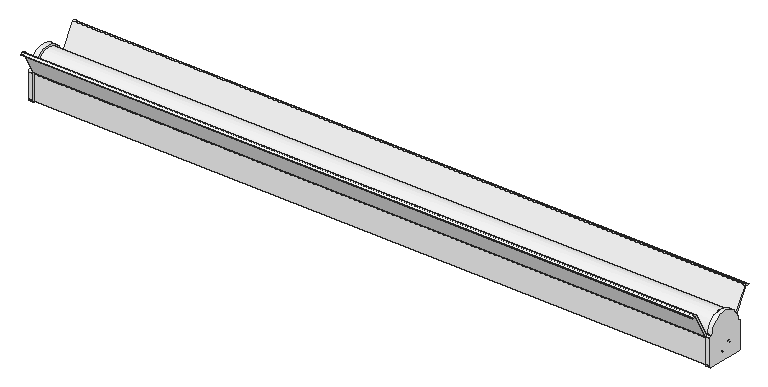
Revit family "0045173+0045233 Feilo Sylvania Lighting Fixture SYLBATTEN LED5-5 NW TP3 with SYMMETRIC REFLECTOR ACCESSORY 1200MM", category Lighting Fixtures, host Face, Revit 2017
Family settings
  Host = Face
  Round Connector Dimension = Use Diameter
  Part Type = Normal
  OmniClass Number = 23.80.70.00
  OmniClass Title = Lighting
  Cut with Voids When Loaded = No
  Light Source = Yes
  Shared = No
  Room Calculation Point = No
Parameters (values of type "0045173 SYLBATTEN LED5.5 NW TP3")
  Width_FEILO = 66 mm
  Weight = "2.568 kg"
  Wattage Comments = "n/a"
  Wattage = 53 W
  WarrantyStartDate [instance] = "n/a"
  WarrantyGuarantorParts = "n/a"
  WarrantyDurationUnit = "n/a"
  WarrantyDurationParts = "n/a"
  WarrantyDescription = "n/a"
  built-in parameter 1150110 = 1 (stored number, unit not read)
  Voltage = 230 V
  URL = "http://www.sylvania-lighting.com"
  TypeName = "SYLBATTEN LED5.5 NW TP3"
  Type Image = <None>
  Type Comments = "n/a"
  built-in parameter 1114217 = 1 (stored number, unit not read)
  Tilt Angle = -90.00°
  built-in parameter 1150109 = 1 (stored number, unit not read)
  built-in parameter 1150134 = 12
  SymReflector_FEILO = yes
  built-in parameter 1150113 = 1 (stored number, unit not read)
  SerialNumber [instance] = "n/a"
  PowerFactor = 0
  PowerConsumption = "53 W"
  Photometric Web File = "0045173+0045233.ies"
  NominalLength = 1205 mm
  NominalHeight = 91 mm
  NominalDepth = 122 mm
  Name = "SYLBATTEN LED5.5 NW TP3"
  ModelReference = Name  # "SYLBATTEN LED5.5 NW TP3"
  ModelNumber = "0045173"
  Model = Name  # "SYLBATTEN LED5.5 NW TP3"
  Material_4_FEILO = Reflector-Sylvania-Sylbatten-White
  Material_3_FEILO = Diffuser-Sylvania-Sylbatten-Glow
  Material_2_FEILO = Body-Sylvania-Sylbatten-White
  Material_1_FEILO = Body-Sylvania-Sylbatten-White
  Material = "sheet steel housing, polycarbonate diffuser"
  ManufacturerName = "Feilo Sylvania"
  Manufacturer = "Feilo Sylvania"
  LuminousEfficacy = "106.2 lm/W"
  built-in parameter 1150105 = 447.99 (stored number, unit not read)
  Lumens = 5629.66 lm
  LuminaireType = ""
  built-in parameter 1150115 = 1 (stored number, unit not read)
  LightOutputRatio = "100"
  built-in parameter 1150137 = (empty or 0)
  built-in parameter 1150139 = (empty or 0)
  Length_FEILO = 1205 mm
  LampsType = Lamp  # "LED"
  LampNominalLuminous = "5630 lm"
  LampMacAdamStep = "n/a"
  LampColourTemperature = "4000 K"
  LampColourRenderingIndex = "80"
  built-in parameter 1150112 = 1 (stored number, unit not read)
  built-in parameter 1150114 = 1 (stored number, unit not read)
  Lamp = "LED"
  Keynote = "16500"
  InstallationDate [instance] = "n/a"
  InputVoltage = "220-240V~"
  InputNominalFrequency = "n/a"
  built-in parameter 1150132 = (empty or 0)
  built-in parameter 1150102 = (empty or 0)
  built-in parameter 1150107 = 4000 (stored number, unit not read)
  built-in parameter 1150138 = (empty or 0)
  IngressProtection = "IP20"
  ImpactProtectionIndex = "IK07"
  built-in parameter 1150106 = 4.4799 (stored number, unit not read)
  IfcExportType = "IfcLightFixtureType"
  IfcExportAs = "IfcLightFixtureType"
  Height_FEILO = 76 mm
  ExpectedLife = 50000
  Emit from Rectangle Width = Length_FEILO - 16 mm  # 1189 mm
  Emit from Rectangle Length = Width_FEILO - 40 mm  # 26 mm
  Emit Shape Visible in Rendering = no
  ElectricShockClassification = "Class I"
  built-in parameter 1150104 = 9.8682 (stored number, unit not read)
  DurationUnit = "hours"
  DocumentationLiterature = "http://www.sylvania-lighting.com/product/en-int/products/0045173"
  DimmingControlOptions = "n/a"
  Dimming Lamp Color Temperature Shift = <None>
  Description = "LED batten, T8 replacement, ease of installation through 2 part push-in design of the housing (safety cable included), through wiring capability (TP3 = 3 core), sheet steel, 5630M, 53W, 106lm/W, 4000K, drive current: 350mA, CRI 80, 138° wide beam angle, electronic driver (non dimmable), IP20, IK07, 50,000 hrs (L70), (LxWxH) 1205x66x76mm, 5 step MacAdam ellipse, 3kg, white RAL9016, Class 1, 220-240V, energy class: A++, A+, A."
  Default Elevation = 1219.2 mm
  CreatedOn = "1/25/2018"
  CreatedBy = ""
  Cost = 0
  Color Filter = 16777215
  built-in parameter 1114216 [instance] = (empty or 0)
  ClassificationValue = "EF_70_80"
  ClassificationName = "Uniclass2015"
  CapOffset_FEILO = 2 mm
  BarCode [instance] = "n/a"
  built-in parameter 1114218 = 1 (stored number, unit not read)
  BackReflector_FEILO = and(not(AsymReflector_FEILO), SymReflector_FEILO)  # yes
  built-in parameter 1150133 = 10 (stored number, unit not read)
  FrontReflector_FEILO = or(AsymReflector_FEILO, SymReflector_FEILO)  # yes
  AsymReflector_FEILO = no
  AssetType = "Fixed"
  AssetIdentifier [instance] = "n/a"
  Assembly Code = "D5020200"
  Apparent Load = 53 VA
Reference planes
  plane 1 "Center (Front/Back)": y = 0
  plane 2: z = 0
  plane 3 "Center (Left/Right)": x = 0
  plane 4: x = 602.5
  plane 5: x = -602.5
  plane 6: y = 33
  plane 7: y = -33
  plane 8: z = 76
  plane 9: z = 47
  plane 10: y = -29
  plane 11: y = 29
  plane 12: z = 20
  plane 13: z = 74
  plane 14: y = -31
  plane 15: y = -27
  plane 16: y = 27
  plane 17: y = 31
  plane 18: z = 2
  plane 19: x = -594.5
  plane 20: x = 594.5
  plane 21: z = 49
  plane 22: y = 1
  plane 23: y = -1
  plane 24: z = 21
  plane 25: z = 19
  plane 26: y = -61
  plane 27: y = 61
  plane 28: y = -56
  plane 29: y = 56
  plane 30: z = 91
  plane 31: z = 88
Forms (mm)
  Extrusion 1, solid, material "Body-Sylvania-Sylbatten-White" <- "Material_2_FEILO"
    sketch origin (0, 0, 0) x (0, 1, 0) y (0, 0, 1)
      loop
        line (-31, 2) -> (31, 2) -> (31, 45)
        arc (31, 45) -> (30.414, 46.414) -> (29, 47) r 2
        line (29, 47) -> (27, 47)
        arc (27, 47) -> (0, 74) -> (-27, 47) r 27
        line (-27, 47) -> (-29, 47)
        arc (-29, 47) -> (-30.414, 46.414) -> (-31, 45) r 2
        line (-31, 45) -> (-31, 2)
    from -594.5 to 594.5
  Extrusion 2, solid, material "Body-Sylvania-Sylbatten-White" <- "Material_2_FEILO"
    sketch origin (602.5, 1524, 1219.2) x (0, 1, 0) y (0, 0, 1)
      loop
        arc (-1494, -1219.2) -> (-1491.879, -1218.321) -> (-1491, -1216.2) r 3
        line (-1491, -1216.2) -> (-1491, -1173.2)
        arc (-1491, -1173.2) -> (-1491.879, -1171.079) -> (-1494, -1170.2) r 3
        line (-1494, -1170.2) -> (-1495.069, -1170.2)
        arc (-1495.069, -1170.2) -> (-1524, -1143.2) -> (-1552.931, -1170.2) r 29
        line (-1552.931, -1170.2) -> (-1554, -1170.2)
        arc (-1554, -1170.2) -> (-1556.121, -1171.079) -> (-1557, -1173.2) r 3
        line (-1557, -1173.2) -> (-1557, -1216.2)
        arc (-1557, -1216.2) -> (-1556.121, -1218.321) -> (-1554, -1219.2) r 3
        line (-1554, -1219.2) -> (-1494, -1219.2)
      loop
        arc (-1525, -1189.25) -> (-1531.071, -1192.129) -> (-1533.95, -1198.2) r 10
        line (-1533.95, -1198.2) -> (-1532.944, -1198.2)
        arc (-1532.944, -1198.2) -> (-1530.364, -1192.836) -> (-1525, -1190.256) r 9
        line (-1525, -1190.256) -> (-1525, -1189.25)
      loop
        arc (-1523, -1190.256) -> (-1517.636, -1192.836) -> (-1515.056, -1198.2) r 9
        line (-1515.056, -1198.2) -> (-1514.05, -1198.2)
        arc (-1514.05, -1198.2) -> (-1516.929, -1192.129) -> (-1523, -1189.25) r 10
        line (-1523, -1189.25) -> (-1523, -1190.256)
      loop
        line (-1532.944, -1200.2) -> (-1533.95, -1200.2)
        arc (-1533.95, -1200.2) -> (-1531.071, -1206.271) -> (-1525, -1209.15) r 10
        line (-1525, -1209.15) -> (-1525, -1208.144)
        arc (-1525, -1208.144) -> (-1530.364, -1205.564) -> (-1532.944, -1200.2) r 9
      loop
        arc (-1515.056, -1200.2) -> (-1517.636, -1205.564) -> (-1523, -1208.144) r 9
        line (-1523, -1208.144) -> (-1523, -1209.15)
        arc (-1523, -1209.15) -> (-1516.929, -1206.271) -> (-1514.05, -1200.2) r 10
        line (-1514.05, -1200.2) -> (-1515.056, -1200.2)
    from 0 to -8
  Extrusion 3, solid, material "Body-Sylvania-Sylbatten-White" <- "Material_2_FEILO"
    sketch origin (-602.5, 1524, 1219.2) x (0, 1, 0) y (0, 0, 1)
      loop
        arc (-1495.069, -1170.2) -> (-1524, -1143.2) -> (-1552.931, -1170.2) r 29
        line (-1552.931, -1170.2) -> (-1554, -1170.2)
        arc (-1554, -1170.2) -> (-1556.121, -1171.079) -> (-1557, -1173.2) r 3
        line (-1557, -1173.2) -> (-1557, -1216.2)
        arc (-1557, -1216.2) -> (-1556.121, -1218.321) -> (-1554, -1219.2) r 3
        line (-1554, -1219.2) -> (-1494, -1219.2)
        arc (-1494, -1219.2) -> (-1491.879, -1218.321) -> (-1491, -1216.2) r 3
        line (-1491, -1216.2) -> (-1491, -1173.2)
        arc (-1491, -1173.2) -> (-1491.879, -1171.079) -> (-1494, -1170.2) r 3
        line (-1494, -1170.2) -> (-1495.069, -1170.2)
      loop
        line (-1533.95, -1198.2) -> (-1532.944, -1198.2)
        arc (-1532.944, -1198.2) -> (-1530.364, -1192.836) -> (-1525, -1190.256) r 9
        line (-1525, -1190.256) -> (-1525, -1189.25)
        arc (-1525, -1189.25) -> (-1531.071, -1192.129) -> (-1533.95, -1198.2) r 10
      loop
        line (-1523, -1189.25) -> (-1523, -1190.256)
        arc (-1523, -1190.256) -> (-1517.636, -1192.836) -> (-1515.056, -1198.2) r 9
        line (-1515.056, -1198.2) -> (-1514.05, -1198.2)
        arc (-1514.05, -1198.2) -> (-1516.929, -1192.129) -> (-1523, -1189.25) r 10
      loop
        line (-1514.05, -1200.2) -> (-1515.056, -1200.2)
        arc (-1515.056, -1200.2) -> (-1517.636, -1205.564) -> (-1523, -1208.144) r 9
        line (-1523, -1208.144) -> (-1523, -1209.15)
        arc (-1523, -1209.15) -> (-1516.929, -1206.271) -> (-1514.05, -1200.2) r 10
      loop
        line (-1525, -1209.15) -> (-1525, -1208.144)
        arc (-1525, -1208.144) -> (-1530.364, -1205.564) -> (-1532.944, -1200.2) r 9
        line (-1532.944, -1200.2) -> (-1533.95, -1200.2)
        arc (-1533.95, -1200.2) -> (-1531.071, -1206.271) -> (-1525, -1209.15) r 10
    from 0 to 8
  Extrusion 4, solid, material "Reflector-Sylvania-Sylbatten-White" <- "Material_4_FEILO", visible <- "FrontReflector_FEILO"
    sketch origin (0, 0, 0) x (0, 1, 0) y (0, 0, 1)
      loop
        line (-61.257, 88.429) -> (-60.743, 87.571) -> (-56.621, 90.044)
        arc (-56.621, 90.044) -> (-56.237, 90.099) -> (-55.929, 89.863) r 0.5
        line (-55.929, 89.863) -> (-31.435, 46.753) -> (-30.565, 47.247) -> (-55.312, 90.802)
        arc (-55.312, 90.802) -> (-55.928, 91.275) -> (-56.696, 91.165) r 1
        line (-56.696, 91.165) -> (-61.257, 88.429)
    from -594.5 to 594.5
  Extrusion 5, solid, material "Reflector-Sylvania-Sylbatten-White" <- "Material_4_FEILO", visible <- "BackReflector_FEILO"
    sketch origin (0, 0, 0) x (0, 1, 0) y (0, 0, 1)
      loop
        line (30.565, 47.247) -> (31.435, 46.753) -> (55.932, 89.868)
        arc (55.932, 89.868) -> (56.245, 90.112) -> (56.638, 90.062) r 0.518
        line (56.638, 90.062) -> (61.033, 87.565) -> (61.527, 88.435) -> (56.682, 91.188)
        arc (56.682, 91.188) -> (55.922, 91.282) -> (55.318, 90.812) r 1
        line (55.318, 90.812) -> (30.565, 47.247)
    from -594.5 to 594.5
Lines and regions (mm)
  reference lines
    curve 1: line (0, -61, 88) -> (0, -56, 91)
    curve 2: line (0, -56, 91) -> (0, -31, 47)
    curve 3: line (0, 31, 47) -> (0, 56, 91)
    curve 4: line (0, 56, 91) -> (0, 61.28, 88)
Dimensions and locks
  equal spacing: plane 5, plane 3 "Center (Left/Right)", plane 4
  equal spacing: plane 7, plane 1 "Center (Front/Back)", plane 6
  "Width_FEILO": plane 7 to plane 6
  "Length_FEILO": plane 5 to plane 4
  "Height_FEILO": plane 8 to plane 2
  locked: plane 9 to plane 8 at 29
  equal spacing: plane 10, plane 1 "Center (Front/Back)", plane 11
  locked: plane 7 to plane 10 at 4
  locked: plane 12 to plane 2 at 20
  "CapOffset_FEILO": plane 13 to plane 8
  "CapOffset_FEILO": plane 7 to plane 14
  "CapOffset_FEILO": plane 10 to plane 15
  "CapOffset_FEILO": plane 17 to plane 6
  "CapOffset_FEILO": plane 16 to plane 11
  "CapOffset_FEILO": plane 18 to plane 2
  locked: plane 14 to Extrusion 1 sketch curve at 2
  locked: Extrusion 1 sketch curve to plane 9 at 2  (x2)
  locked: plane 16 to Extrusion 1 sketch curve at 2
  equal spacing: plane 19, plane 3 "Center (Left/Right)", plane 20
  locked: plane 5 to plane 19 at 8
  "CapOffset_FEILO": plane 9 to plane 21
  locked: Extrusion 2 sketch curve to plane 2 at 47
  locked: Extrusion 1 sketch curve to plane 2 at 47
  locked: Extrusion 2 sketch curve to plane 2 at 3  (x2)
  locked: plane 7 to Extrusion 2 sketch curve at 3  (x2)
  locked: Extrusion 2 sketch curve to plane 6 at 3  (x2)
  locked: Extrusion 2 sketch curve to plane 21 at 3  (x2)
  equal spacing: plane 23, plane 1 "Center (Front/Back)", plane 22
  equal spacing: plane 25, plane 12, plane 24
  plane 30 to plane 31 to plane 2 = 3 mm locked, 88 mm locked
  plane 28 to plane 29 = 112 mm
  plane 26 to plane 27 = 122 mm
  aligned and locked: plane 2 to host face
  aligned and locked: level to host face
  aligned and locked: plane 18 to Extrusion 1 sketch curve
  aligned and locked: plane 14 to Extrusion 1 sketch curve
  aligned and locked: Extrusion 1 sketch curve to plane 9  (x2)
  aligned and locked: Extrusion 1 sketch curve to plane 17
  aligned and locked: plane 15 to Extrusion 1 sketch curve
  aligned and locked: plane 16 to Extrusion 1 sketch curve
  aligned and locked: plane 9 to Extrusion 1 sketch curve
  aligned and locked: plane 20 to Extrusion 1
  aligned and locked: level to Extrusion 2 sketch curve
  aligned and locked: Extrusion 2 sketch curve to plane 7
  aligned and locked: plane 21 to Extrusion 2 sketch curve
  aligned and locked: Extrusion 2 sketch curve to plane 21
  aligned and locked: plane 1 "Center (Front/Back)" to Extrusion 2 sketch curve  (x3)
  aligned and locked: Extrusion 2 to Extrusion 1
  aligned and locked: plane 4 to Extrusion 2
  aligned and locked: plane 12 to Extrusion 2 sketch curve  (x2)
  aligned and locked: Extrusion 2 sketch curve to plane 22
  aligned and locked: Extrusion 2 sketch curve to plane 23
  aligned and locked: Extrusion 2 sketch curve to plane 24
  aligned and locked: Extrusion 2 sketch curve to plane 25
  aligned and locked: plane 25 to Extrusion 2 sketch curve
  aligned and locked: plane 22 to Extrusion 2 sketch curve
  aligned and locked: plane 24 to Extrusion 2 sketch curve
  aligned and locked: plane 23 to Extrusion 2 sketch curve  (x2)
  aligned and locked: Extrusion 3 sketch curve to Extrusion 2  (x22)
  aligned and locked: Extrusion 3 to Extrusion 1
  aligned and locked: Extrusion 3 to plane 5
  aligned and locked: plane 19 to Extrusion 3
  aligned and locked: plane 31 to curve 1
  aligned and locked: plane 30 to curve 1
  aligned and locked: plane 14 to curve 2
  aligned and locked: plane 9 to curve 2
  aligned and locked: plane 17 to curve 3
  aligned and locked: plane 30 to curve 3
  aligned and locked: plane 31 to curve 4
  aligned and locked: Extrusion 4 sketch curve to curve 2
  aligned and locked: Extrusion 4 sketch curve to curve 1
  aligned and locked: Extrusion 4 to Extrusion 1
  aligned and locked: Extrusion 1 to Extrusion 4
  aligned and locked: imposter light to plane 1 "Center (Front/Back)"
  aligned and locked: imposter light to plane 3 "Center (Left/Right)"
  aligned and locked: imposter light to plane 13
  aligned and locked: Extrusion 5 sketch curve to curve 4
  aligned and locked: Extrusion 5 sketch curve to curve 3
  aligned and locked: Extrusion 1 to Extrusion 5
  aligned and locked: Extrusion 5 to Extrusion 1
Automatic sketch dimensions
  host sketch curve to host sketch curve = 2438.4 mm  (x2)
  Extrusion 2 sketch curve to Extrusion 2 sketch curve = 0 mm  (x14)
  Extrusion 2 sketch curve to plane 10 = 0.069 mm
  plane 23 to Extrusion 2 sketch curve = 8.95 mm
  Extrusion 2 sketch curve to Extrusion 2 sketch curve = 1.006 mm  (x4)
  Extrusion 2 sketch curve to plane 22 = 7.944 mm
  curve 1 to plane 26 = 0 mm
  curve 2 to plane 28 = 0 mm
  curve 4 to plane 29 = 0 mm
  plane 9 to curve 3 = 0 mm
  plane 26 to Extrusion 4 sketch curve = 0.257 mm
  Extrusion 4 sketch curve to plane 26 = 0.257 mm
  Extrusion 4 sketch curve to plane 30 = 0.165 mm
  plane 28 to Extrusion 4 sketch curve = 0.696 mm
  plane 28 to Extrusion 4 sketch curve = 0.621 mm
  plane 28 to Extrusion 4 sketch curve = 0.364 mm
  plane 28 to Extrusion 4 sketch curve = 0.182 mm
  Extrusion 4 sketch curve to plane 28 = 0.071 mm
  plane 30 to Extrusion 4 sketch curve = 0.198 mm
  Extrusion 4 sketch curve to plane 28 = 0.688 mm
  plane 9 to Extrusion 4 sketch curve = 0.247 mm
  plane 1 "Center (Front/Back)" to Extrusion 4 sketch curve = 31.435 mm
  Extrusion 5 sketch curve to plane 9 = 0.247 mm
  Extrusion 5 sketch curve to plane 1 "Center (Front/Back)" = 30.565 mm
  plane 9 to Extrusion 5 sketch curve = 0.247 mm
  plane 30 to Extrusion 5 sketch curve = 0.188 mm
  plane 29 to Extrusion 5 sketch curve = 0.068 mm
  Extrusion 5 sketch curve to plane 29 = 0.188 mm
  Extrusion 5 sketch curve to plane 29 = 0.382 mm
  Extrusion 5 sketch curve to Extrusion 5 sketch curve = 0.256 mm
  Extrusion 5 sketch curve to plane 30 = 0.188 mm
  Extrusion 5 sketch curve to plane 29 = 0.682 mm
  Extrusion 5 sketch curve to plane 27 = 0.033 mm
  Extrusion 5 sketch curve to plane 27 = 0.527 mm
Connectors
  electrical at (0, 0, 0), driven by "Apparent Load", driven by "PowerFactor", driven by "Voltage"
    settings: index 1, voltage 230 V, apparent load 53 VA, apparent load phase1 0 VA, apparent load phase2 0 VA, apparent load phase3 0 VA, power factor 0, load classification "Lighting", number of poles 1, system type 30, power factor state 1, is connector primary yes, connector utility no, sub classification motor no, connector description ""
